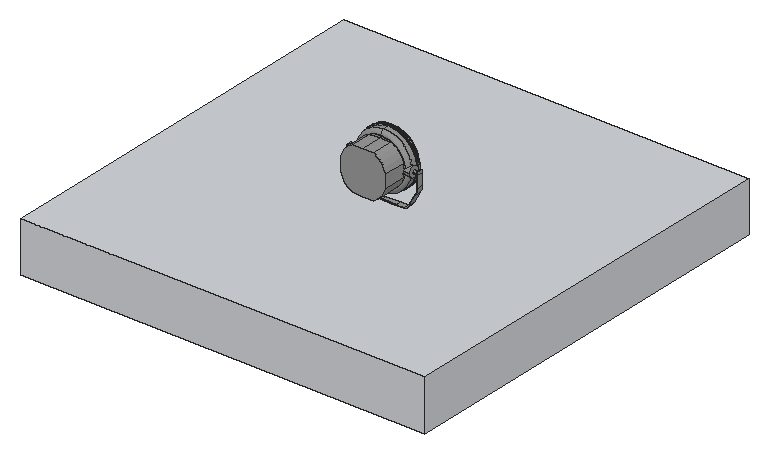
Revit family "L-banner 600", category Осветительные приборы, Revit 2017 (continued)
Types (9, lengths in mm): name | Wattage | built-in parameter 1150134 | Файл фотометрической сетки | built-in parameter 1150142 | built-in parameter 1150105 | Lumens | Артикул | built-in parameter 1150107 | built-in parameter 1150106
  L-banner 600-К8-5.0K | 449.812 W | 2 | "L-banner 600-600-K8-5.0K-04.ies" | "IESNA:LM-63-1995\r\n[TEST]LEDEL\r\n[DATA]09.10.2017\r\n[MANUFAC]LEDEL\r\n[LUMCAT]L-banner 600/600/К8/5.0К/04\r\n[LUMINAIRE]Для внешней подсветки крупных объектов\r\n[LAMPCAT]LED\r\n[LAMP]CREE \r\nTILT=NONE\r\n\r\n1 66816 6.01698 37 19 1 2 -0.4625 -0.426 0.238\r\n\r\n1 1 600\r\n\r\n0 2.5 5 7.5 10 12.5 15 17.5 20 22.5 25 27.5 30 32.5 35 37.5 40 42.5 45 47.5 50 52.5 55 57.5 60 62.5 65 67.5 70 72.5 75 77.5 80 82.5 85 87.5 90\r\n\r\n0 10 20 30 40 50 60 70 80 90 100 110 120 130 140 150 160 170 180\r\n\r\n  276536 213373 88543 28922 13786 8752 6136 4394 3030 2273 1818 1364 1212 1061 909 606 606 571 455 455 303 303 303 269 303 303 303 \r\n 152 152 152 152 152 152 152 152 152 152\r\n  270477 230316 116644 38676 12952 8146 6363 4697 3182 2273 1667 1364 1061 1061 909 606 606 455 455 455 303 303 303 303 303 269 152\r\n  152 152 152 152 152 152 152 152 152 152\r\n  276536 213373 88543 28922 13786 8752 6136 4394 3030 2273 1818 1364 1212 1061 909 606 606 571 455 455 303 303 303 269 303 303 303\r\n  152 152 152 152 152 152 152 152 152 152\r\n  270477 230316 116644 38676 12952 8146 6363 4697 3182 2273 1667 1364 1061 1061 909 606 606 455 455 455 303 303 303 303 303 269 152\r\n  152 152 152 152 152 152 152 152 152 152\r\n  276536 213373 88543 28922 13786 8752 6136 4394 3030 2273 1818 1364 1212 1061 909 606 606 571 455 455 303 303 303 269 303 303 303 \r\n 152 152 152 152 152 152 152 152 152 152\r\n  270477 230316 116644 38676 12952 8146 6363 4697 3182 2273 1667 1364 1061 1061 909 606 606 455 455 455 303 303 303 303 303 269 152\r\n  152 152 152 152 152 152 152 152 152 152\r\n  276536 213373 88543 28922 13786 8752 6136 4394 3030 2273 1818 1364 1212 1061 909 606 606 571 455 455 303 303 303 269 303 303 303\r\n  152 152 152 152 152 152 152 152 152 152\r\n  270477 230316 116644 38676 12952 8146 6363 4697 3182 2273 1667 1364 1061 1061 909 606 606 455 455 455 303 303 303 303 303 269 152\r\n  152 152 152 152 152 152 152 152 152 152\r\n  276536 213373 88543 28922 13786 8752 6136 4394 3030 2273 1818 1364 1212 1061 909 606 606 571 455 455 303 303 303 269 303 303 303\r\n  152 152 152 152 152 152 152 152 152 152\r\n  270477 230316 116644 38676 12952 8146 6363 4697 3182 2273 1667 1364 1061 1061 909 606 606 455 455 455 303 303 303 303 303 269 152\r\n  152 152 152 152 152 152 152 152 152 152\r\n  276536 220108 97481 33747 14240 8251 5530 4009 2879 2121 1515 1212 1061 909 909 606 606 455 455 420 303 303 303 303 303 269 152\r\n  152 152 152 152 152 152 152 152 152 152\r\n  270477 200718 89831 32045 13937 8251 5605 4009 2879 2121 1515 1212 1061 909 909 606 606 455 455 455 303 303 303 303 303 269 152\r\n  152 152 152 152 152 152 152 152 152 152\r\n  276536 220108 97481 33747 14240 8251 5530 4009 2879 2121 1515 1212 1061 909 909 606 606 455 455 420 303 303 303 303 303 269 152\r\n  152 152 152 152 152 152 152 152 152 152\r\n  270477 200718 89831 32045 13937 8251 5605 4009 2879 2121 1515 1212 1061 909 909 606 606 455 455 455 303 303 303 303 303 269 152\r\n  152 152 152 152 152 152 152 152 152 152\r\n  276536 220108 97481 33747 14240 8251 5530 4009 2879 2121 1515 1212 1061 909 909 606 606 455 455 420 303 303 303 303 303 269 152\r\n  152 152 152 152 152 152 152 152 152 152\r\n  270477 200718 89831 32045 13937 8251 5605 4009 2879 2121 1515 1212 1061 909 909 606 606 455 455 455 303 303 303 303 303 269 152\r\n  152 152 152 152 152 152 152 152 152 152\r\n  276536 220108 97481 33747 14240 8251 5530 4009 2879 2121 1515 1212 1061 909 909 606 606 455 455 420 303 303 303 303 303 269 152\r\n  152 152 152 152 152 152 152 152 152 152\r\n  270477 200718 89831 32045 13937 8251 5605 4009 2879 2121 1515 1212 1061 909 909 606 606 455 455 455 303 303 303 303 303 269 152\r\n  152 152 152 152 152 152 152 152 152 152\r\n  276536 220108 97481 33747 14240 8251 5530 4009 2879 2121 1515 1212 1061 909 909 606 606 455 455 420 303 303 303 303 303 269 152\r\n  152 152 152 152 152 152 152 152 152 152\r\n" | 59806.8 (stored number, unit not read) | 66816 lm | "409001" | 5000 (stored number, unit not read) | 598.07 (stored number, unit not read)
